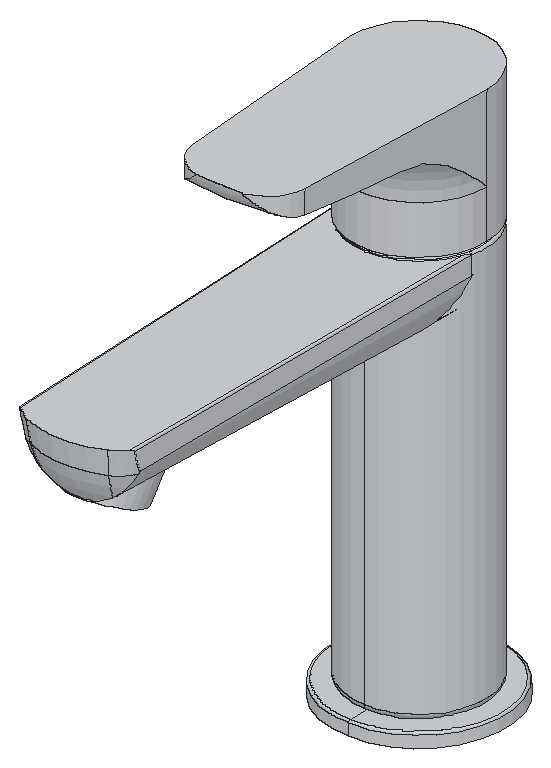
Revit family "Faucet-Lavatory -KOHLER-ALEO-72288D_1", category Plumbing Fixtures, host Face, Revit 2017
Family settings
  Host = Face
  Round Connector Dimension = Use Diameter
  Part Type = Normal
  OmniClass Number = 23.31.11.00
  OmniClass Title = Faucets
  Cut with Voids When Loaded = No
  Shared = No
  Room Calculation Point = No
Parameters (values of type "CP-Polished Chrome")
  Width = 1 25/32"  # constant formula
  WaterSense Certified = 1 = 0  # no
  Waste Water Outlet = "Waste Water Outlet"  # constant formula
  Waste Connection = 1 = 0  # no
  Vent Connection = 1 = 0  # no
  URL = "https://www.kohler.co.uk/"
  Type = 1
  Spout Reach = 3 15/16"  # constant formula
  Product Page URL = "https://www.kohler.co.uk/taps/deck-mount/aleo-pillar-tap/"
  Product Name = "Aleo"  # constant formula
  Product Documentation Link = "https://resources.kohler.com/plumbing/kohleruk/pdf/Aleo_Pillar_Tap.pdf"
  Pressure = 0.00 psi
  Model = "72288D-CP"  # constant formula
  Material = "Brass Construction"  # constant formula
  Master Format 2014 Name = "Residential Faucets, Supplies, and Trim"  # constant formula
  Master Format 2014 = "22 41 39"  # constant formula
  Manufacturer Address = "Cromwell Road, Cheltenham, Gloucestershire. GL52 5EP Registered in England No. 252115"  # constant formula
  Manufacturer = "KOHLER Co."  # constant formula
  Length = Spout Reach  # 3 15/16"
  Hot Water Inlet = "Hot Water Inlet"  # constant formula
  Height = 5 181/256"  # constant formula
  Handle Clearance = 2 133/256"  # constant formula
  HW Connection = 1 = 0  # no
  Flow Rate = 0 GPM
  Finish = Kohler-Metal-CP-Polished_Chrome
  Environmental Product Declaration = ""
  Drain Included = 1 = 0  # no
  Description = "BASIN PILLAR TAP"  # constant formula
  Default Elevation = 36"
  Declare Label = ""
  Date Modified = "07/07/2021"  # constant formula
  Date Created = "07/07/2021"  # constant formula
  Copyright = "Copyright KOHLER Co."  # constant formula
  Contact Us = "https://www.kohler.co.uk/support/contact/"
  Cold Water Inlet = "Cold Water Inlet"  # constant formula
  CW Connection = 1 = 1  # yes
  Assembly Code = "D2010"
  ADA Compliant = 1 = 0  # no
Reference planes (in)
  plane 1 "Center (Front/Back)": y = 0
  plane 2: z = 0
  plane 3 "Center (Left/Right)": x = 0
  plane 4: y = 0.88976
  plane 5: y = -0.88976
  plane 6: y = 0.68912
  plane 7: y = -0.68912
  plane 8: z = 5.70703
  plane 9: y = -3.9375
  plane 10: z = 3.66142
  plane 11: y = -4.49101
  plane 12: y = -2.51953
  plane 13: z = 0.1378
  plane 14: x = -0.89011
  plane 15: x = 0.89114
  plane 16: x = -0.68898
  plane 17: x = 0.68898
  plane 18: x = -0.52904
  plane 19: x = 0.52904
Dimensions and locks (in)
  "Height": level to plane 8
  "Spout Reach": plane 1 "Center (Front/Back)" to plane 9
  plane 10 to level = 3.66142"
  "Width": plane 14 to plane 15
  "Length": plane 9 to plane 1 "Center (Front/Back)"
  "Handle Clearance": plane 12 to plane 1 "Center (Front/Back)"
  aligned and locked: plane 2 to host face
  aligned and locked: level to host face
Automatic sketch dimensions
  host sketch curve to host sketch curve = 96"  (x2)
Nested families (in)
  nested 1: "72288D" at (0, 0, 0), type "72288D"
Connectors (in)
  piping at (0, 0, 0), diameter 0.5, driven by "CW Connection", driven by "Cold Water Inlet", driven by "Flow Rate"
    settings: on nested 1, index 1, connector inside diameter 24", connector length 0", flow factor 0, pipe flow 0 GPM, pressure drop 0.00 psi, fitting loss kfactor 0, connector angle 0.00°, fixture units 0, engagement length 0", angle of deflection 0.00°, flow configuration 0, flow direction 1, fitting loss method 0, system type 20, joint type 0, gender type 0, connector reference index -1, connector utility 1, adjustable connector no, is connector primary yes, connector description "Cold Water Inlet"
Definition of nested family "72288D"
  Parameters (values of type "72288D")
    Material = none
  Reference planes (in)
    plane 1 "Center (Front/Back)": y = 0
    plane 2: z = 0
    plane 3 "Center (Left/Right)": x = 0
    plane 4: z = 5.70866
    plane 5: y = -3.93701
    plane 6: y = 0.88976
    plane 7: y = 0.68912
    plane 8: y = -0.68912
    plane 9: x = -0.68898
    plane 10: x = 0.68898
    plane 11: y = -0.88976
    plane 12: z = 3.66142
    plane 13: z = 0.1376
    plane 14: y = -2.51906
    plane 15: x = -0.89011
    plane 16: x = 0.89011
    plane 17: y = -4.49101
    plane 18: x = -0.52904
    plane 19: x = 0.52904
  Forms (in)
    Revolve 1, solid, material <- "Material", detail levels medium+fine
      sketch origin (0, 0, 0) x (0, 1, 0) y (0, 0, 1)
        loop
          arc (0.63148, 0.1378) -> (0.67224, 0.15468) -> (0.68912, 0.19544) r 0.05764
          line (0.68912, 0.19544) -> (0.68912, 4.27945)
          arc (0.68912, 4.27945) -> (0.68331, 4.29347) -> (0.66929, 4.29928) r 0.01984
          line (0.66929, 4.29928) -> (0.52687, 4.29928) -> (0.52687, 4.3356) -> (0, 4.3356) -> (0, 0) -> (0.88976, 0) -> (0.88585, 0.11704)
          arc (0.88585, 0.11704) -> (0.87931, 0.13176) -> (0.86439, 0.1378) r 0.02147
          line (0.86439, 0.1378) -> (0.63148, 0.1378)
        axis (0, 4.3356) -> (0, 0)
      angle from 0 to 360
    Blend 2, solid, material <- "Material", detail levels medium+fine
      base sketch origin (0, 0, -4.93356) x (1, 0, 0) y (0, 0, 1)
        loop
          arc (-0.64163, 9.23225) -> (-0.65833, 9.22533) -> (-0.66525, 9.20863) r 0.02362
          line (-0.66525, 9.20863) -> (-0.66525, 9.01571)
          arc (-0.66525, 9.01571) -> (0, 8.41989) -> (0.66525, 9.01571) r 0.66929
          line (0.66525, 9.01571) -> (0.66525, 9.20697)
          arc (0.66525, 9.20697) -> (0.65784, 9.22484) -> (0.63997, 9.23225) r 0.02528
          line (0.63997, 9.23225) -> (-0.64163, 9.23225)
      top sketch origin (0, 0, -4.93356) x (1, 0, 0) y (0, 0, 1)
        loop
          arc (-0.54713, 9.23225) -> (-0.56122, 9.22641) -> (-0.56706, 9.21232) r 0.01993
          line (-0.56706, 9.21232) -> (-0.56706, 9.00202)
          arc (-0.56706, 9.00202) -> (0, 8.61724) -> (0.56706, 9.00202) r 0.61024
          line (0.56706, 9.00202) -> (0.56706, 9.21206)
          arc (0.56706, 9.21206) -> (0.56115, 9.22633) -> (0.54687, 9.23225) r 0.02019
          line (0.54687, 9.23225) -> (-0.54713, 9.23225)
      from 0.14351 to 4.5473
    Sweep 3, void
      path origin (0, 1.06396, 0) x (1, 0, 0) y (0, 1, 0)
        loop
          arc (-0.68898, -5.15325) -> (-0.59719, -5.3607) -> (-0.42252, -5.50544) r 0.49514
          arc (-0.42252, -5.50544) -> (-0.00498, -5.60496) -> (0.41394, -5.51138) r 0.95414
          arc (0.41394, -5.51138) -> (0.58303, -5.36343) -> (0.65107, -5.14931) r 0.41792
      profile origin (-0.00498, -4.54099, 0) x (0.007105, 0.999975, 0) y (0, 0, 1)
        loop
          line (0, 4.45387) -> (-0.22073, 4.45387) -> (-0.22073, 3.53879) -> (0.36982, 3.53879)
          arc (0.36982, 3.53879) -> (0.16362, 3.76678) -> (0.04037, 4.0484) r 0.95674
          arc (0.04037, 4.0484) -> (0.00475, 4.2496) -> (0, 4.45387) r 1.34585
    Revolve 4, solid, material <- "Material", detail levels medium+fine
      sketch origin (0, 1.15344, -4.92032) x (0, 1, 0) y (0, 0, 1)
        loop
          line (-5.11816, 8.45367) -> (-4.77867, 8.32645) -> (-4.53138, 8.75477) -> (-4.94697, 8.9105) -> (-5.11816, 8.45367)
        axis (-4.94697, 8.9105) -> (-5.11816, 8.45367)
      angle from 0 to 360
    Extrusion 5, solid, material <- "Material", detail levels medium+fine
      sketch origin (0, 0, -4.89665) x (1, 0, 0) y (0, 1, 0)
        loop
          arc (0.68912, 0) -> (0, 0.68912) -> (-0.68912, 0) r 0.68912
          arc (-0.68912, 0) -> (-0.6588, -1.07638) -> (-0.56791, -2.14934) r 19.1171
          arc (-0.56791, -2.14934) -> (-0.45593, -2.38855) -> (-0.22197, -2.51113) r 0.41339
          arc (-0.22197, -2.51113) -> (0.00366, -2.52798) -> (0.22898, -2.50734) r 1.36558
          arc (0.22898, -2.50734) -> (0.45847, -2.38338) -> (0.56806, -2.14669) r 0.41339
          arc (0.56806, -2.14669) -> (0.65883, -1.07505) -> (0.68912, 0) r 19.09322
      from 9.23226 to 10.60531
    Sweep 6, void
      path origin (0, 0, 0) x (1, 0, 0) y (0, 1, 0)
        loop
          arc (-0.68912, 0) -> (0, -0.68912) -> (0.68912, 0) r 0.68912
      profile origin (0, -0.68912, 0) x (0, 1, 0) y (0, 0, 1)
        loop
          line (0, 4.18962) -> (0, 4.83013)
          arc (0, 4.83013) -> (-0.16218, 5.23664) -> (-0.55964, 5.41988) r 0.59055
          line (-0.55964, 5.41988) -> (-1.52714, 5.47058)
          arc (-1.52714, 5.47058) -> (-1.6335, 5.49071) -> (-1.73066, 5.53843) r 0.40295
          arc (-1.73066, 5.53843) -> (-1.81228, 5.63715) -> (-1.82678, 5.76442) r 0.22497
          line (-1.82678, 5.76442) -> (-2.04747, 5.76442) -> (-2.04747, 4.18962) -> (0, 4.18962)
    Revolve 7, solid, material <- "Material", detail levels coarse
      sketch origin (0, 0, 0) x (0, 1, 0) y (0, 0, 1)
        loop
          line (0, 0) -> (0.91164, 0) -> (0.91164, 0.16337) -> (0.7144, 0.16337) -> (0.7144, 5.32685) -> (0, 5.32685) -> (0, 0)
        axis (0, 5.32685) -> (0, 0)
      angle from 0 to 360
    Extrusion 8, solid, material <- "Material", detail levels coarse
      sketch origin (0, 0, 0) x (1, 0, 0) y (0, 1, 0)
        loop
          arc (-0.59882, -2.21281) -> (0.00064, -2.58938) -> (0.59892, -2.21093) r 0.66377
          line (0.59892, -2.21093) -> (0.71286, -0.03679)
          arc (0.71286, -0.03679) -> (0, 0.7144) -> (-0.71286, -0.03679) r 0.71384
          line (-0.71286, -0.03679) -> (-0.59882, -2.21281)
      from 5.32685 to 5.74517
    Extrusion 9, solid, material <- "Material", detail levels coarse
      sketch origin (0, 0, 0) x (1, 0, 0) y (0, 1, 0)
        loop
          line (-0.71357, -0.01886) -> (-0.59744, -4.28434)
          arc (-0.59744, -4.28434) -> (0.01892, -4.55437) -> (0.61384, -4.23993) r 0.77421
          line (0.61384, -4.23993) -> (0.71364, -0.0163)
          arc (0.71364, -0.0163) -> (0.00128, -0.71327) -> (-0.71357, -0.01886) r 0.71384
      from 3.47435 to 4.3356
    Extrusion 10, solid, material <- "Material", detail levels medium+fine
      sketch origin (0, 0, 0) x (1, 0, 0) y (0, 1, 0)
        loop
          circle (0, 0) r 0.07014
      from 0 to 0.07769
  Cuts and joins
    Sweep 6 cuts Extrusion 5
    joined: Revolve 1, Extrusion 5
    Sweep 3 cuts Blend 2
  Lines and regions (in)
    Masking region 1
      outline origin (0, 0, 0) x (0, 1, 0) y (0, 0, 1)
        loop
          line (0.88976, 0) -> (0.88593, 0.11641)
          arc (0.88593, 0.11641) -> (0.87951, 0.1312) -> (0.86471, 0.1376) r 0.02192
          line (0.86471, 0.1376) -> (0.63177, 0.1376)
          arc (0.63177, 0.1376) -> (0.67233, 0.1544) -> (0.68912, 0.19495) r 0.05735
          line (0.68912, 0.19495) -> (0.68912, 4.27905)
          arc (0.68912, 4.27905) -> (0.68227, 4.29445) -> (0.66624, 4.29966) r 0.02072
          line (0.66624, 4.29966) -> (0.52658, 4.29966) -> (0.52658, 4.33594) -> (0.68912, 4.33594) -> (0.68912, 5.70866) -> (-2.52002, 5.70866)
          arc (-2.52002, 5.70866) -> (-2.49877, 5.63079) -> (-2.45049, 5.5661) r 0.21666
          arc (-2.45049, 5.5661) -> (-2.30998, 5.48411) -> (-2.1481, 5.46785) r 0.38293
          line (-2.1481, 5.46785) -> (-1.24998, 5.42078)
          arc (-1.24998, 5.42078) -> (-0.85712, 5.24292) -> (-0.68912, 4.84574) r 0.59207
          line (-0.68912, 4.84574) -> (-0.68912, 4.3356) -> (-0.52687, 4.3356) -> (-0.52687, 4.29871) -> (-4.49101, 4.29871)
          arc (-4.49101, 4.29871) -> (-4.4543, 4.04689) -> (-4.35496, 3.81261) r 0.99563
          line (-4.35496, 3.81261) -> (-3.56209, 3.51549) -> (-3.49212, 3.63668) -> (-1.06514, 3.52755)
          arc (-1.06514, 3.52755) -> (-0.79825, 3.40632) -> (-0.68912, 3.13425) r 0.3937
          line (-0.68912, 3.13425) -> (-0.68912, 0.19495)
          arc (-0.68912, 0.19495) -> (-0.67233, 0.1544) -> (-0.63177, 0.1376) r 0.05735
          line (-0.63177, 0.1376) -> (-0.86471, 0.1376)
          arc (-0.86471, 0.1376) -> (-0.87951, 0.1312) -> (-0.88593, 0.11641) r 0.02192
          line (-0.88593, 0.11641) -> (-0.88976, 0) -> (0.88976, 0)
    Masking region 2
      outline origin (0, 0, 0) x (1, 0, 0) y (0, 0, 1)
        loop
          line (0, 0) -> (0.88976, 0) -> (0.88569, 0.11668)
          arc (0.88569, 0.11668) -> (0.87936, 0.13126) -> (0.86479, 0.1376) r 0.02169
          line (0.86479, 0.1376) -> (0.62809, 0.1376)
          arc (0.62809, 0.1376) -> (0.66905, 0.15333) -> (0.68898, 0.19243) r 0.06122
          line (0.68898, 0.19243) -> (0.68898, 4.27849)
          arc (0.68898, 4.27849) -> (0.68202, 4.29411) -> (0.66576, 4.29939) r 0.02102
          line (0.66576, 4.29939) -> (0.52682, 4.29939) -> (0.52682, 4.3356) -> (0.68912, 4.3356) -> (0.68912, 5.70866) -> (-0.68912, 5.70866) -> (-0.68912, 4.3356) -> (-0.52682, 4.3356) -> (-0.52682, 4.29939) -> (-0.66576, 4.29939)
          arc (-0.66576, 4.29939) -> (-0.68202, 4.29411) -> (-0.68898, 4.27849) r 0.02102
          line (-0.68898, 4.27849) -> (-0.68898, 0.19243)
          arc (-0.68898, 0.19243) -> (-0.66905, 0.15333) -> (-0.62809, 0.1376) r 0.06122
          line (-0.62809, 0.1376) -> (-0.86479, 0.1376)
          arc (-0.86479, 0.1376) -> (-0.87936, 0.13126) -> (-0.88569, 0.11668) r 0.02169
          line (-0.88569, 0.11668) -> (-0.88976, 0) -> (0, 0)
    Masking region 3
      outline origin (0, 0, 0) x (1, 0, 0) y (0, 1, 0)
        loop
          line (-0.68048, -0.57326) -> (-0.5731, -4.27578)
          arc (-0.5731, -4.27578) -> (-0.50326, -4.341) -> (-0.42218, -4.39157) r 0.49437
          arc (-0.42218, -4.39157) -> (-0.00497, -4.49101) -> (0.4136, -4.39751) r 0.95337
          arc (0.4136, -4.39751) -> (0.5021, -4.34038) -> (0.57347, -4.2629) r 0.41715
          line (0.57347, -4.2629) -> (0.68048, -0.57326)
          arc (0.68048, -0.57326) -> (0.80677, 0.37524) -> (0, 0.88976) r 0.88976
          arc (0, 0.88976) -> (-0.80677, 0.37524) -> (-0.68048, -0.57326) r 0.88976
    symbolic lines, detail levels medium+fine
      curve 1: line (0, 0.86439, 0.1378) -> (0, -0.86439, 0.1378)
      curve 2: line (0, -0.68912, 4.3356) -> (0, 0.68912, 4.3356)
      curve 3: line (0, 0.66929, 4.29928) -> (0, -0.66929, 4.29928)
      curve 4: line (0, 0, 0.1378) -> (-0.86439, 0, 0.1378)
      curve 5: line (0.86439, 0, 0.1378) -> (0, 0, 0.1378)
      curve 6: line (0.63997, 0, 4.29939) -> (-0.64163, 0, 4.29939)
      curve 7: line (-0.68912, 0, 4.3356) -> (0.68912, 0, 4.3356)
      curve 8: spline (-0.34885, 0, 5.62472) -> (-0.3597, 0, 5.6164) -> (-0.37045, 0, 5.60826) -> (-0.38109, 0, 5.6003) -> (-0.3916, 0, 5.59253) -> (-0.40198, 0, 5.58495) -> (-0.41221, 0, 5.57757) -> (-0.4223, 0, 5.5704) -> (-0.43222, 0, 5.56345) -> (-0.44197, 0, 5.55671) -> (-0.45154, 0, 5.55021) -> (-0.46092, 0, 5.54394) -> (-0.47011, 0, 5.53791)
      curve 9: spline (-0.47011, 0, 5.53791) -> (-0.48962, 0, 5.5247) -> (-0.50733, 0, 5.51269) -> (-0.5231, 0, 5.50195) -> (-0.53682, 0, 5.49258) -> (-0.54838, 0, 5.48465) -> (-0.5577, 0, 5.4782) -> (-0.5647, 0, 5.47329) -> (-0.56934, 0, 5.46997) -> (-0.57157, 0, 5.46824) -> (-0.57139, 0, 5.46813) -> (-0.56879, 0, 5.46963) -> (-0.56379, 0, 5.47274)
      curve 10: spline (-0.56379, 0, 5.47274) -> (-0.57432, 0, 5.46809) -> (-0.58439, 0, 5.46349) -> (-0.594, 0, 5.45893) -> (-0.60314, 0, 5.45441) -> (-0.61183, 0, 5.44994) -> (-0.62005, 0, 5.44551) -> (-0.62781, 0, 5.44112) -> (-0.63511, 0, 5.43679) -> (-0.64195, 0, 5.43249) -> (-0.64833, 0, 5.42824) -> (-0.65424, 0, 5.42404) -> (-0.6597, 0, 5.41988)
      curve 11: line (-0.6597, 0, 5.41988) -> (-0.68912, 0, 4.83013)
      curve 12: spline (0.56812, 0, 5.4708) -> (0.5651, 0, 5.47311) -> (0.56115, 0, 5.47598) -> (0.55628, 0, 5.47942) -> (0.5505, 0, 5.48342) -> (0.54383, 0, 5.48796) -> (0.53629, 0, 5.49303) -> (0.5279, 0, 5.49861) -> (0.51868, 0, 5.5047) -> (0.50866, 0, 5.51127) -> (0.49787, 0, 5.5183) -> (0.48634, 0, 5.52578) -> (0.4741, 0, 5.53367)
      curve 13: spline (0.65966, 0, 5.41988) -> (0.6544, 0, 5.42389) -> (0.64871, 0, 5.42794) -> (0.64258, 0, 5.43204) -> (0.63603, 0, 5.43617) -> (0.62905, 0, 5.44035) -> (0.62163, 0, 5.44458) -> (0.61379, 0, 5.44884) -> (0.60551, 0, 5.45315) -> (0.59681, 0, 5.4575) -> (0.58767, 0, 5.46189) -> (0.57811, 0, 5.46633) -> (0.56812, 0, 5.4708)
      curve 14: line (0.68912, 0, 4.83013) -> (0.65966, 0, 5.41988)
      curve 15: line (-0.68898, 0, 4.08546) -> (-0.57437, 0, 4.06948)
      curve 16: spline (-0.57437, 0, 4.06948) -> (-0.57422, 0, 4.08632) -> (-0.57408, 0, 4.10332) -> (-0.57395, 0, 4.12046) -> (-0.57383, 0, 4.13773) -> (-0.57371, 0, 4.15512) -> (-0.5736, 0, 4.17263) -> (-0.57351, 0, 4.19025) -> (-0.57342, 0, 4.20795) -> (-0.57334, 0, 4.22575) -> (-0.57327, 0, 4.24362) -> (-0.57321, 0, 4.26156) -> (-0.57316, 0, 4.27955)
      curve 17: spline (-0.57316, 0, 4.27955) -> (-0.57246, 0, 4.28255) -> (-0.57152, 0, 4.28538) -> (-0.57035, 0, 4.28801) -> (-0.56896, 0, 4.2904) -> (-0.56737, 0, 4.29254) -> (-0.56559, 0, 4.29438) -> (-0.56366, 0, 4.29591) -> (-0.56159, 0, 4.29712) -> (-0.55941, 0, 4.29797) -> (-0.55715, 0, 4.29848) -> (-0.55483, 0, 4.29862) -> (-0.55248, 0, 4.2984)
      curve 18: spline (-0.35346, 0, 3.78297) -> (-0.37809, 0, 3.8012) -> (-0.40176, 0, 3.82064) -> (-0.42442, 0, 3.84124) -> (-0.44601, 0, 3.86295) -> (-0.46648, 0, 3.88572) -> (-0.48577, 0, 3.90948) -> (-0.50384, 0, 3.93418) -> (-0.52064, 0, 3.95975) -> (-0.53613, 0, 3.98613) -> (-0.55027, 0, 4.01326) -> (-0.56303, 0, 4.04107) -> (-0.57436, 0, 4.06948)
      curve 19: spline (0.34638, 0, 3.77812) -> (0.2935, 0, 3.74564) -> (0.2376, 0, 3.71869) -> (0.17927, 0, 3.69753) -> (0.11909, 0, 3.68238) -> (0.05769, 0, 3.6734) -> (-0.0043, 0, 3.67069) -> (-0.06626, 0, 3.67426) -> (-0.12753, 0, 3.68409) -> (-0.18749, 0, 3.70007) -> (-0.24552, 0, 3.72203) -> (-0.30104, 0, 3.74976) -> (-0.35346, 0, 3.78297)
      curve 20: line (0.57493, 0, 4.06956) -> (0.34638, 0, 3.77812)
      curve 21: line (0.68898, 0, 4.08546) -> (0.57493, 0, 4.06956)
      curve 22: spline (-0.26687, 0, 3.73187) -> (-0.31492, 0, 3.71168) -> (-0.35078, 0, 3.68858) -> (-0.37306, 0, 3.66347) -> (-0.38088, 0, 3.63731) -> (-0.37396, 0, 3.61112) -> (-0.35256, 0, 3.58591) -> (-0.3175, 0, 3.56267) -> (-0.27014, 0, 3.54228) -> (-0.21233, 0, 3.52554) -> (-0.14629, 0, 3.5131) -> (-0.07459, 0, 3.50543) -> (0, 0, 3.50284)
      curve 23: line (-0.38089, 0, 3.6365) -> (-0.41683, 0, 3.83411)
      curve 24: spline (0.2668, 0, 3.73189) -> (0.31487, 0, 3.71171) -> (0.35075, 0, 3.68861) -> (0.37304, 0, 3.6635) -> (0.38088, 0, 3.63734) -> (0.37397, 0, 3.61114) -> (0.35257, 0, 3.58593) -> (0.31752, 0, 3.56268) -> (0.27017, 0, 3.54229) -> (0.21235, 0, 3.52554) -> (0.14631, 0, 3.5131) -> (0.0746, 0, 3.50543) -> (0, 0, 3.50284)
      curve 25: line (0.38089, 0, 3.6365) -> (0.41704, 0, 3.83525)
      curve 26: arc (-0.56791, -2.14934, 0) -> (-0.46392, -2.37995, 0) -> (-0.24504, -2.50679, 0) r 0.41339
      curve 27: arc (-0.24504, -2.50679, 0) -> (-0.01503, -2.5187, 0) -> (0.21511, -2.50954, 0) r 2.51874
      curve 28: arc (0.21511, -2.50954, 0) -> (0.45366, -2.3884, 0) -> (0.56807, -2.14656, 0) r 0.41339
      curve 29: line (-0.56791, -2.14934, 0) -> (-0.691, -0.04033, 0)
      curve 30: line (0.56807, -2.14656, 0) -> (0.691, -0.04033, 0)
      curve 31: line (-0.68048, -0.57326, 0) -> (-0.691, -0.04033, 0)
      curve 32: line (0.68048, -0.57326, 0) -> (0.691, -0.04033, 0)
      curve 33: arc (-0.691, -0.04033, 0) -> (-0.50329, 0.47387, 0) -> (0, 0.68912, 0) r 0.6893
      curve 34: arc (0.691, -0.04033, 0) -> (0.50329, 0.47387, 0) -> (0, 0.68912, 0) r 0.6893
      curve 35: spline (0.57437, 0, 4.06948) -> (0.57422, 0, 4.08632) -> (0.57408, 0, 4.10332) -> (0.57395, 0, 4.12046) -> (0.57383, 0, 4.13773) -> (0.57371, 0, 4.15512) -> (0.5736, 0, 4.17263) -> (0.57351, 0, 4.19025) -> (0.57342, 0, 4.20795) -> (0.57334, 0, 4.22575) -> (0.57327, 0, 4.24362) -> (0.57321, 0, 4.26156) -> (0.57316, 0, 4.27955)
      curve 36: spline (0.57316, 0, 4.27955) -> (0.57246, 0, 4.28255) -> (0.57152, 0, 4.28538) -> (0.57035, 0, 4.28801) -> (0.56896, 0, 4.2904) -> (0.56737, 0, 4.29254) -> (0.56559, 0, 4.29438) -> (0.56366, 0, 4.29591) -> (0.56159, 0, 4.29712) -> (0.55941, 0, 4.29797) -> (0.55715, 0, 4.29848) -> (0.55483, 0, 4.29862) -> (0.55248, 0, 4.2984)
      curve 37: line (0, -4.4543, 4.04689) -> (0, -0.89171, 4.04689)
      curve 38: line (0, 0, 3.15518) -> (0, 0, 0.1378)
      curve 39: arc (0, -0.89171, 4.04689) -> (0, -0.26118, 3.78571) -> (0, 0, 3.15518) r 0.89171
      curve 40: line (0, -2.49877, 5.63079) -> (0, -0.59055, 5.63079)
      curve 41: line (0, 0, 5.04024) -> (0, 0, 4.3356)
      curve 42: arc (0, -0.59055, 5.63079) -> (0, -0.17297, 5.45782) -> (0, 0, 5.04024) r 0.59055
      curve 43: spline (0.34885, 0, 5.62472) -> (0.36018, 0, 5.61604) -> (0.37139, 0, 5.60756) -> (0.38247, 0, 5.59927) -> (0.39343, 0, 5.59118) -> (0.40423, 0, 5.58331) -> (0.41488, 0, 5.57567) -> (0.42535, 0, 5.56825) -> (0.43565, 0, 5.56106) -> (0.44576, 0, 5.55412) -> (0.45567, 0, 5.54744) -> (0.46537, 0, 5.541) -> (0.47485, 0, 5.53484)
      curve 44: arc (0.34885, 0, 5.62472) -> (0, 0, 5.66734) -> (-0.34885, 0, 5.62472) r 1.44913
      curve 45: line (-0.34885, 0, 5.62472) -> (-0.34885, 0, 5.70866)
      curve 46: line (0.34885, 0, 5.62472) -> (0.34885, 0, 5.70866)
  Dimensions and locks (in)
    plane 4 to level = 5.70866"
    plane 1 "Center (Front/Back)" to plane 5 = 3.93701"
    level to plane 12 = 3.66142"
    aligned and locked: plane 2 to level
